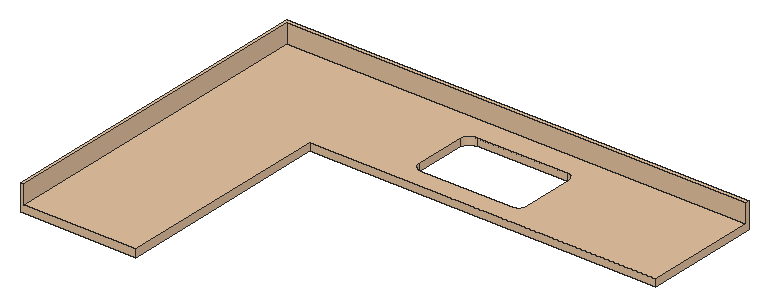
Revit family
Parameters (values of type "600mm Depth")
  Counter Thickness = 40 mm
  Counter Top Material = none
  Depth = 625 mm
  Height [instance] = 900 mm
  Length - Leg 1 [instance] = 2500 mm
  Length - Leg 2 [instance] = 1800 mm
  Sink Location [instance] = 1100 mm
  Sink Location To Wall [instance] = 150 mm
  Sink Opening Depth [instance] = 378 mm
  Sink Opening Width [instance] = 587 mm
Reference planes
  plane 1 "Back": y = 0
  plane 2: z = 0
  plane 3 "Left": x = -1200.462
  plane 4 "Right": x = 1299.538
  plane 5 "Front": y = -625
  plane 6 "Top": z = 900
  plane 7: z = 860
  plane 8: y = -19.05
  plane 9: z = 1001.6
  plane 10: x = -575.462
  plane 11: y = -1800
  plane 12: x = -1181.412
  plane 13: x = -100.462
  plane 14: x = 486.538
  plane 15: y = -150
  plane 16: y = -528
Forms (mm)
  Extrusion 1, solid, material <- "Counter Top Material"
    sketch origin (0, 0, 0) x (1, 0, 0) y (0, 1, 0)
      loop
        line (-1200.462, 0) -> (-1200.462, -1800) -> (-575.462, -1800) -> (-575.462, -625) -> (1299.538, -625) -> (1299.538, 0) -> (-1200.462, 0)
      loop
        arc (-50.462, -150) -> (-85.818, -164.645) -> (-100.462, -200) r 50
        line (-100.462, -200) -> (-100.462, -478)
        arc (-100.462, -478) -> (-85.818, -513.355) -> (-50.462, -528) r 50
        line (-50.462, -528) -> (436.538, -528)
        arc (436.538, -528) -> (471.893, -513.355) -> (486.538, -478) r 50
        line (486.538, -478) -> (486.538, -200)
        arc (486.538, -200) -> (471.893, -164.645) -> (436.538, -150) r 50
        line (436.538, -150) -> (-50.462, -150)
    from 860 to 900
  Extrusion 2, solid, material <- "Counter Top Material"
    sketch origin (0, 0, 0) x (1, 0, 0) y (0, 1, 0)
      loop
        line (1299.538, 0) -> (-1200.462, 0) -> (-1200.462, -19.05) -> (1299.538, -19.05) -> (1299.538, 0)
    from 900 to 1001.6
  Extrusion 3, solid, material <- "Counter Top Material"
    sketch origin (0, 0, 0) x (1, 0, 0) y (0, 1, 0)
      loop
        line (-1200.462, -19.05) -> (-1200.462, -1800) -> (-1181.412, -1800) -> (-1181.412, -19.05) -> (-1200.462, -19.05)
    from 900 to 1001.6
Cuts and joins
  joined: Extrusion 1, Extrusion 2, Extrusion 3
Lines and regions (mm)
  Masking region 1
    outline origin (0, 0, 0) x (1, 0, 0) y (0, 1, 0)
      loop
        line (-1200.462, 0) -> (-1200.462, -1800) -> (-575.462, -1800) -> (-575.462, -625) -> (1299.538, -625) -> (1299.538, 0) -> (-1200.462, 0)
      loop
        arc (486.538, -200) -> (471.893, -164.645) -> (436.538, -150) r 50
        line (436.538, -150) -> (-50.462, -150)
        arc (-50.462, -150) -> (-85.818, -164.645) -> (-100.462, -200) r 50
        line (-100.462, -200) -> (-100.462, -478)
        arc (-100.462, -478) -> (-85.818, -513.355) -> (-50.462, -528) r 50
        line (-50.462, -528) -> (436.538, -528)
        arc (436.538, -528) -> (471.893, -513.355) -> (486.538, -478) r 50
        line (486.538, -478) -> (486.538, -200)
  symbolic lines, style "Counter Top"
    curve 1: line (-1181.412, -19.05, 0) -> (1299.538, -19.05, 0)
    curve 2: line (-1181.412, -1800, 0) -> (-1181.412, -19.05, 0)
Dimensions and locks
  "Depth": plane 5 "Front" to plane 1 "Back"
  "Length - Leg 1": plane 3 "Left" to plane 4 "Right"
  "Height": level to plane 6 "Top"
  "Counter Thickness": plane 7 to plane 6 "Top"
  locked: plane 8 to plane 1 "Back" at 19.05
  plane 6 "Top" to plane 9 = 101.6 mm
  "Depth": plane 3 "Left" to plane 10
  "Length - Leg 2": plane 11 to plane 1 "Back"
  locked: plane 3 "Left" to plane 12 at 19.05
  "Sink Location": plane 3 "Left" to plane 13
  "Sink Opening Width": plane 13 to plane 14
  "Sink Location To Wall": plane 15 to plane 1 "Back"
  "Sink Opening Depth": plane 16 to plane 15
  aligned and locked: plane 1 "Back" to Extrusion 1 sketch curve
  aligned and locked: plane 4 "Right" to Extrusion 1 sketch curve
  aligned and locked: Extrusion 1 sketch curve to plane 5 "Front"
  aligned and locked: Extrusion 1 sketch curve to plane 3 "Left"
  aligned and locked: plane 6 "Top" to Extrusion 1
  aligned and locked: Extrusion 1 to plane 7
  aligned and locked: Extrusion 2 sketch curve to plane 1 "Back"
  aligned and locked: plane 8 to Extrusion 2 sketch curve
  aligned and locked: Extrusion 2 sketch curve to plane 4 "Right"
  aligned and locked: plane 3 "Left" to Extrusion 2 sketch curve
  aligned and locked: Extrusion 2 to plane 9
  aligned and locked: Extrusion 2 to plane 6 "Top"
  aligned and locked: plane 10 to Extrusion 1 sketch curve
  aligned and locked: plane 11 to Extrusion 1 sketch curve
  aligned and locked: plane 12 to Extrusion 3 sketch curve
  aligned and locked: Extrusion 3 to plane 8
  aligned and locked: plane 3 "Left" to Extrusion 3
  aligned and locked: Extrusion 3 to plane 9
  aligned and locked: Extrusion 3 to plane 6 "Top"
  aligned and locked: plane 14 to Extrusion 1 sketch curve
  aligned and locked: Extrusion 1 sketch curve to plane 13
  aligned and locked: plane 15 to Extrusion 1 sketch curve
  aligned and locked: Extrusion 1 sketch curve to plane 16
Automatic sketch dimensions
  plane 3 "Left" to Extrusion 3 sketch curve = 0 mm
  plane 11 to Extrusion 3 sketch curve = 0 mm
  plane 1 "Back" to Extrusion 3 sketch curve = 19.05 mm
  curve 2 to plane 11 = 0 mm
  curve 2 to plane 8 = 0 mm
  Extrusion 1 sketch curve to plane 13 = 50 mm  (x2)
  Extrusion 1 sketch curve to Extrusion 1 sketch curve = 50 mm
  plane 14 to Extrusion 1 sketch curve = 50 mm
  curve 1 to plane 4 "Right" = 0 mm
  curve 1 to plane 3 "Left" = 19.05 mm
  Masking region 1 sketch curve to plane 3 "Left" = 0 mm
  Masking region 1 sketch curve to plane 11 = 0 mm
  Masking region 1 sketch curve to plane 5 "Front" = 0 mm
  Masking region 1 sketch curve to plane 10 = 0 mm
  Masking region 1 sketch curve to plane 4 "Right" = 0 mm
  Masking region 1 sketch curve to plane 1 "Back" = 0 mm
  plane 4 "Right" to Masking region 1 sketch curve = 813 mm
  plane 8 to Masking region 1 sketch curve = 130.95 mm
  Masking region 1 sketch curve to plane 10 = 525 mm
  Masking region 1 sketch curve to Masking region 1 sketch curve = 50 mm  (x4)
  Masking region 1 sketch curve to plane 5 "Front" = 147 mm
